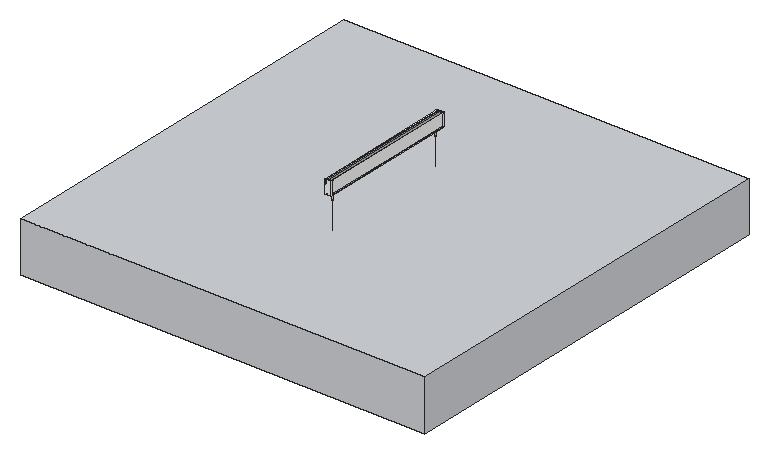
Revit family "LAMP_FIL 35 840MM D-I OPAL", category Luminarias, Revit 2018
Family settings
  Anfitrión = Cara
  Cota de conector redondo = Diámetro de uso
  Tipo de pieza = Normal
  Corte con vacíos al cargar = No
  Origen de luz = Sí
  Compartido = No
  Punto de cálculo de habitación = No
Parameters (values of type "1673LM 3000K  BLACK")
  Ángulo de inclinación = -90.00°
  Weight = 1.97 kg
  Wattage = 10.14 W
  Type = "MID POWER TRIDONIC"
  built-in parameter 1150107 = 3000 (stored number, unit not read)
  NOT COVER 2 [instance] = not(END COVER 2)  # no
  NOT COVER 1 [instance] = not(END COVER 1)  # no
  Indirect light = LAMP_FIL 35 840MM D-I OPAL_I : 3000K
  END COVER 2 [instance] = yes
  END COVER 1 [instance] = yes
  Suspension distance [instance] = if(Suspension > 4000 mm, 4000 mm, if(Suspension < 1 mm, 1 mm, Suspension))  # 200 mm
  Suspension [instance] = 200 mm
  built-in parameter 1150110 = 1 (stored number, unit not read)
  built-in parameter 1150109 = 1 (stored number, unit not read)
  built-in parameter 1150112 = 1 (stored number, unit not read)
  built-in parameter 1150113 = 1 (stored number, unit not read)
  built-in parameter 1114218 = 1 (stored number, unit not read)
  Protection rating = "IP20 / IK07"
  Product datasheet = "http://www.lamp.es/product-files/TECH/F31SF084LOIO830NB-EN.pdf"
  Product code = "F31SF084LOIO830NB"
  Product URL = "https://www.lamp.es/en/family/fil-35_413911"
  Power Supply = "220-240V 50/60Hz"
  Power = 14 W
  Plum = 16.9 W
  Photobiological risk = ""
  built-in parameter 1150137 = (empty or 0)
  built-in parameter 1150132 = 2
  Modelo = Product code  # "F31SF084LOIO830NB"
  Model Explanation = ""
  Material suspension = LAMP_Acero genérico
  Material perfil = LAMP_Aluminio Perfil Fil NG
  Material difusor = LAMP_PC Difusor Opal Fil
  Manufacturer name = "LAMP"
  Manufacturer country = "Spain"
  Manufacturer URL = "http://www.lamp.es/en"
  MacAdam = "3"
  Longitud de línea de emisión = 840 mm
  Last update = "11/05/2021"
  Lamp = "MID-POWER LED"
  LED Lifetime = "50.000 L90 B10"
  built-in parameter 1150105 = 79.877 (stored number, unit not read)
  built-in parameter 1150102 = (empty or 0)
  Insulation class = "I"
  Installation instructions = "https://www.lamp.es/product-files/INS/1004590-A%20INSTR.%20FIL35.pdf"
  built-in parameter 1150106 = 0.79877 (stored number, unit not read)
  IEE = "A+"
  Gear = "Electronic"
  Lumens = 1003.76 lm
  Finish = "Matte black RAL 9011"
  Color Filter = 16777215
  built-in parameter 1114217 = 1 (stored number, unit not read)
  built-in parameter 1150139 = (empty or 0)
  Fabricante = Manufacturer name  # "LAMP"
  Default Elevation = 1219.2 mm
  built-in parameter 1150104 = 9.1965 (stored number, unit not read)
  Efficacy = 99 lm/W
  Dimensions = "840x35x80"
  Descripción = "FIL35 SUR 840 2200 WW D/I OPAL BK."
  built-in parameter 1150115 = 1 (stored number, unit not read)
  built-in parameter 1150114 = 1 (stored number, unit not read)
  built-in parameter 1150138 = (empty or 0)
  built-in parameter 1150134 = 3
  Dimming Lamp Color Temperature Shift = (empty or 0)
  CRI = "80"
  Archivo de red fotométrica = "F31SF084LOIO830NB_D.IES"
  built-in parameter 1150133 = 10 (stored number, unit not read)
Types (12, lengths in mm): name | built-in parameter 1150107 | Indirect light | Product datasheet | Product code | Modelo | Material perfil | built-in parameter 1150105 | built-in parameter 1150106 | Lumens | Finish | built-in parameter 1150104 | Efficacy | Descripción | Archivo de red fotométrica
  1673LM 3000K DALI BLACK | 3000 (stored number, unit not read) | LAMP_FIL 35 840MM D-I OPAL_I : 3000K | "http://www.lamp.es/product-files/TECH/F31SF084LOIO830DB-EN.pdf" | "F31SF084LOIO830DB" | "F31SF084LOIO830DB" | LAMP_Aluminio Perfil Fil NG | 79.877 (stored number, unit not read) | 0.79877 (stored number, unit not read) | 1003.76 lm | "Matte black RAL 9011" | 9.1965 (stored number, unit not read) | 99 lm/W | "FIL35 SUR 840 2200 WW D/I OPAL DALI BK." | "F31SF084LOIO830NB_D.IES"
  1673LM 3000K DALI GREY | 3000 (stored number, unit not read) | LAMP_FIL 35 840MM D-I OPAL_I : 3000K | "http://www.lamp.es/product-files/TECH/F31SF084LOIO830DG-EN.pdf" | "F31SF084LOIO830DG" | "F31SF084LOIO830DG" | LAMP_Aluminio Perfil Fil GR | 79.877 (stored number, unit not read) | 0.79877 (stored number, unit not read) | 1003.76 lm | "Gloss grey" | 9.1965 (stored number, unit not read) | 99 lm/W | "FIL35 SUR 840 2200 WW D/I OPAL DALI GR." | "F31SF084LOIO830NB_D.IES"
  1673LM 3000K DALI WHITE | 3000 (stored number, unit not read) | LAMP_FIL 35 840MM D-I OPAL_I : 3000K | "http://www.lamp.es/product-files/TECH/F31SF084LOIO830DW-EN.pdf" | "F31SF084LOIO830DW" | "F31SF084LOIO830DW" | LAMP_Aluminio Perfil Fil BL | 79.877 (stored number, unit not read) | 0.79877 (stored number, unit not read) | 1003.76 lm | "Matte white RAL 9010" | 9.1965 (stored number, unit not read) | 99 lm/W | "FIL35 SUR 840 2200 WW D/I OPAL DALI WH." | "F31SF084LOIO830NB_D.IES"
  1673LM 3000K  BLACK | 3000 (stored number, unit not read) | LAMP_FIL 35 840MM D-I OPAL_I : 3000K | "http://www.lamp.es/product-files/TECH/F31SF084LOIO830NB-EN.pdf" | "F31SF084LOIO830NB" | "F31SF084LOIO830NB" | LAMP_Aluminio Perfil Fil NG | 79.877 (stored number, unit not read) | 0.79877 (stored number, unit not read) | 1003.76 lm | "Matte black RAL 9011" | 9.1965 (stored number, unit not read) | 99 lm/W | "FIL35 SUR 840 2200 WW D/I OPAL BK." | "F31SF084LOIO830NB_D.IES"
  1673LM 3000K  GREY | 3000 (stored number, unit not read) | LAMP_FIL 35 840MM D-I OPAL_I : 3000K | "http://www.lamp.es/product-files/TECH/F31SF084LOIO830NG-EN.pdf" | "F31SF084LOIO830NG" | "F31SF084LOIO830NG" | LAMP_Aluminio Perfil Fil GR | 79.877 (stored number, unit not read) | 0.79877 (stored number, unit not read) | 1003.76 lm | "Gloss grey" | 9.1965 (stored number, unit not read) | 99 lm/W | "FIL35 SUR 840 2200 WW D/I OPAL GR." | "F31SF084LOIO830NB_D.IES"
  1673LM 3000K  WHITE | 3000 (stored number, unit not read) | LAMP_FIL 35 840MM D-I OPAL_I : 3000K | "http://www.lamp.es/product-files/TECH/F31SF084LOIO830NW-EN.pdf" | "F31SF084LOIO830NW" | "F31SF084LOIO830NW" | LAMP_Aluminio Perfil Fil BL | 79.877 (stored number, unit not read) | 0.79877 (stored number, unit not read) | 1003.76 lm | "Matte white RAL 9010" | 9.1965 (stored number, unit not read) | 99 lm/W | "FIL35 SUR 840 2200 WW D/I OPAL WH." | "F31SF084LOIO830NB_D.IES"
  1761LM 4000K DALI BLACK | 4000 (stored number, unit not read) | LAMP_FIL 35 840MM D-I OPAL_I : 4000K | "http://www.lamp.es/product-files/TECH/F31SF084LOIO840DB-EN.pdf" | "F31SF084LOIO840DB" | "F31SF084LOIO840DB" | LAMP_Aluminio Perfil Fil NG | 84.081 (stored number, unit not read) | 0.84081 (stored number, unit not read) | 1056.59 lm | "Matte black RAL 9011" | 9.6805 (stored number, unit not read) | 104.2 lm/W | "FIL35 SUR 840 2200 NW D/I OPAL DALI BK." | "F31SF084LOIO840NB_D.IES"
  1761LM 4000K DALI GREY | 4000 (stored number, unit not read) | LAMP_FIL 35 840MM D-I OPAL_I : 4000K | "http://www.lamp.es/product-files/TECH/F31SF084LOIO840DG-EN.pdf" | "F31SF084LOIO840DG" | "F31SF084LOIO840DG" | LAMP_Aluminio Perfil Fil GR | 84.081 (stored number, unit not read) | 0.84081 (stored number, unit not read) | 1056.59 lm | "Gloss grey" | 9.6805 (stored number, unit not read) | 104.2 lm/W | "FIL35 SUR 840 2200 NW D/I OPAL DALI GR." | "F31SF084LOIO840NB_D.IES"
  1761LM 4000K DALI WHITE | 4000 (stored number, unit not read) | LAMP_FIL 35 840MM D-I OPAL_I : 4000K | "http://www.lamp.es/product-files/TECH/F31SF084LOIO840DW-EN.pdf" | "F31SF084LOIO840DW" | "F31SF084LOIO840DW" | LAMP_Aluminio Perfil Fil BL | 84.081 (stored number, unit not read) | 0.84081 (stored number, unit not read) | 1056.59 lm | "Matte white RAL 9010" | 9.6805 (stored number, unit not read) | 104.2 lm/W | "FIL35 SUR 840 2200 NW D/I OPAL DALI WH." | "F31SF084LOIO840NB_D.IES"
  1761LM 4000K  BLACK | 4000 (stored number, unit not read) | LAMP_FIL 35 840MM D-I OPAL_I : 4000K | "http://www.lamp.es/product-files/TECH/F31SF084LOIO840NB-EN.pdf" | "F31SF084LOIO840NB" | "F31SF084LOIO840NB" | LAMP_Aluminio Perfil Fil NG | 84.081 (stored number, unit not read) | 0.84081 (stored number, unit not read) | 1056.59 lm | "Matte black RAL 9011" | 9.6805 (stored number, unit not read) | 104.2 lm/W | "FIL35 SUR 840 2200 NW D/I OPAL BK." | "F31SF084LOIO840NB_D.IES"
  1761LM 4000K  GREY | 4000 (stored number, unit not read) | LAMP_FIL 35 840MM D-I OPAL_I : 4000K | "http://www.lamp.es/product-files/TECH/F31SF084LOIO840NG-EN.pdf" | "F31SF084LOIO840NG" | "F31SF084LOIO840NG" | LAMP_Aluminio Perfil Fil GR | 84.081 (stored number, unit not read) | 0.84081 (stored number, unit not read) | 1056.59 lm | "Gloss grey" | 9.6805 (stored number, unit not read) | 104.2 lm/W | "FIL35 SUR 840 2200 NW D/I OPAL GR." | "F31SF084LOIO840NB_D.IES"
  1761LM 4000K  WHITE | 4000 (stored number, unit not read) | LAMP_FIL 35 840MM D-I OPAL_I : 4000K | "http://www.lamp.es/product-files/TECH/F31SF084LOIO840NW-EN.pdf" | "F31SF084LOIO840NW" | "F31SF084LOIO840NW" | LAMP_Aluminio Perfil Fil BL | 84.081 (stored number, unit not read) | 0.84081 (stored number, unit not read) | 1056.59 lm | "Matte white RAL 9010" | 9.6805 (stored number, unit not read) | 104.2 lm/W | "FIL35 SUR 840 2200 NW D/I OPAL WH." | "F31SF084LOIO840NB_D.IES"
Reference planes
  plane 1 "Centro (Frontal/Posterior)": y = 0
  plane 2: z = 0
  plane 3 "Centro (Izquierda/Derecha)": x = 0
Forms (mm)
  Extrusion 1, solid
    sketch origin (0, 0, 0) x (1, 0, 0) y (0, 1, 0)
      loop
        line (-1219.2, 1219.2) -> (-1219.2, -1219.2) -> (1219.2, -1219.2) -> (1219.2, 1219.2) -> (-1219.2, 1219.2)
    from 0 to -304.8
  Extrusion 2, solid, material "LAMP_Aluminio Perfil Fil NG" <- "Material perfil"
    sketch origin (0, 0, 0) x (1, 0, 0) y (0, 0, 1)
      loop
        arc (17.75, 285.7) -> (16.75, 286.7) -> (15.75, 285.7) r 1
        line (15.75, 285.7) -> (15.75, 284.2) -> (13.95, 284.2) -> (13.95, 259) -> (0, 259) -> (-13.95, 259) -> (-13.95, 284.2) -> (-15.75, 284.2) -> (-15.75, 285.7)
        arc (-15.75, 285.7) -> (-16.75, 286.7) -> (-17.75, 285.7) r 1
        line (-17.75, 285.7) -> (-17.75, 206.5) -> (-16.75, 206.5) -> (-16.75, 209.7) -> (-12.5, 209.7) -> (-12.5, 207.7) -> (-14.8, 207.7) -> (-13.6, 206.5) -> (-11, 206.5) -> (-11, 214.5) -> (0, 214.5) -> (11, 214.5) -> (11, 206.5) -> (13.6, 206.5) -> (14.8, 207.7) -> (12.5, 207.7) -> (12.5, 209.7) -> (16.75, 209.7) -> (16.75, 206.5) -> (17.75, 206.5) -> (17.75, 285.7)
    from -420 to 420
  Extrusion 3, solid, material "LAMP_Acero genérico" <- "Material suspension"
    sketch origin (0, 0, 0) x (1, 0, 0) y (0, 0, 1)
      loop
        line (-12.5, 201) -> (-15.291, 208.272) -> (-13.251, 209.7) -> (-14.251, 209.7) -> (-16.291, 208.272) -> (-13.116, 200) -> (0, 200) -> (13.116, 200) -> (16.291, 208.272) -> (14.251, 209.7) -> (13.251, 209.7) -> (15.291, 208.272) -> (12.5, 201) -> (0, 201) -> (-12.5, 201)
    from -400 to -378
  Extrusion 4, solid, material "LAMP_Acero genérico" <- "Material suspension"
    sketch origin (0, -24, 0) x (1, 0, 0) y (0, 1, 0)
      loop
        circle (0, -365) r 5
    from 163.2 to 200
  Extrusion 5, solid, material "LAMP_Acero genérico" <- "Material suspension"
    sketch origin (0, 24, 0) x (1, 0, 0) y (0, 1, 0)
      loop
        circle (0, 365) r 5
    from 163.2 to 200
  Extrusion 6, solid, material "LAMP_Acero genérico" <- "Material suspension"
    sketch origin (0, 0, 0) x (1, 0, 0) y (0, 1, 0)
      loop
        circle (0, -389) r 1
    from 0 to 163.2
  Extrusion 7, solid, material "LAMP_Acero genérico" <- "Material suspension"
    sketch origin (0, 0, 0) x (1, 0, 0) y (0, 1, 0)
      loop
        circle (0, 389) r 1
    from 0 to 163.2
  Extrusion 8, solid, material "LAMP_PC Difusor Opal Fil" <- "Material difusor"
    sketch origin (0, 0, -200) x (1, 0, 0) y (0, 0, 1)
      loop
        line (-15.75, 484.2) -> (0, 484.2) -> (15.75, 484.2) -> (15.75, 486.7) -> (0, 486.7) -> (-15.75, 486.7) -> (-15.75, 484.2)
    from 420 to -420
  Extrusion 9, solid, material "LAMP_Acero genérico" <- "Material suspension"
    sketch origin (0, 0, 0) x (1, 0, 0) y (0, 0, -1)
      loop
        line (-12.5, -201) -> (0, -201) -> (12.5, -201) -> (15.291, -208.272) -> (13.251, -209.7) -> (14.251, -209.7) -> (16.291, -208.272) -> (13.116, -200) -> (0, -200) -> (-13.116, -200) -> (-16.291, -208.272) -> (-14.251, -209.7) -> (-13.251, -209.7) -> (-15.291, -208.272) -> (-12.5, -201)
    from -400 to -378
  Extrusion 10, solid, material "LAMP_PC Difusor Opal Fil" <- "Material difusor"
    sketch origin (0, 0, 0) x (1, 0, 0) y (0, 0, 1)
      loop
        line (-11, 214.5) -> (-11, 206.5) -> (-7.529, 206.5) -> (11, 206.5) -> (11, 214.5) -> (10, 214.5) -> (10, 207.5) -> (-10, 207.5) -> (-10, 214.5) -> (-11, 214.5)
    from 420 to -420
Lines and regions (mm)
  reference lines
    curve 1: line (0, -445.47, 200) -> (0, 544.53, 200)
Text (mm)
  text "Any modification of the parameters and properties of the LAMP BIM models must be executed and validated by the LAMP technical department.\nPhone: +34 93 736 68 00\nE-mail: lamp@lamp.es\n\nLAMP reserves the right to modify the technical specifications of its products." at (3279.264, 5298.162, -2684.539), in view "Preview"
Dimensions and locks
  "Suspension distance": level to curve 1
  locked: Extrusion 4 to Extrusion 4 at 36.8
  locked: Extrusion 5 to Extrusion 5 at 36.8
  aligned and locked: plane 2 to Extrusion 1
  aligned and locked: level to Extrusion 1
  aligned and locked: curve 1 to Extrusion 9
  aligned and locked: curve 1 to Extrusion 3
  aligned and locked: Extrusion 4 to curve 1
  aligned and locked: Extrusion 5 to curve 1
  aligned and locked: Extrusion 6 to Extrusion 4
  aligned and locked: Extrusion 7 to Extrusion 5
  aligned and locked: Extrusion 2 to Extrusion 9
  aligned and locked: Extrusion 10 to Extrusion 2
  aligned and locked: Extrusion 8 to Extrusion 2
  aligned and locked: imposter light to Extrusion 8
  aligned and locked: Extrusion 2 to nested 1
  aligned and locked: nested 2 to Extrusion 2
Automatic sketch dimensions
  Extrusion 1 sketch curve to Extrusion 1 sketch curve = 2438.4 mm  (x2)
  Extrusion 4 sketch curve to plane 3 "Centro (Izquierda/Derecha)" = 0 mm
  plane 1 "Centro (Frontal/Posterior)" to Extrusion 4 sketch curve = 389 mm
  Extrusion 5 sketch curve to plane 3 "Centro (Izquierda/Derecha)" = 0 mm
  plane 1 "Centro (Frontal/Posterior)" to Extrusion 5 sketch curve = 389 mm
  Extrusion 6 sketch curve to plane 3 "Centro (Izquierda/Derecha)" = 0 mm
  plane 1 "Centro (Frontal/Posterior)" to Extrusion 6 sketch curve = 389 mm
  Extrusion 7 sketch curve to plane 3 "Centro (Izquierda/Derecha)" = 0 mm
  plane 1 "Centro (Frontal/Posterior)" to Extrusion 7 sketch curve = 389 mm
  Extrusion 10 sketch curve to plane 3 "Centro (Izquierda/Derecha)" = 11 mm
  Extrusion 10 sketch curve to Extrusion 10 sketch curve = 1 mm  (x3)
  Extrusion 10 sketch curve to Extrusion 10 sketch curve = 2.471 mm
  plane 3 "Centro (Izquierda/Derecha)" to Extrusion 10 sketch curve = 10 mm
  level to Extrusion 10 sketch curve = 206.5 mm
  Extrusion 10 sketch curve to Extrusion 10 sketch curve = 7 mm  (x2)
  Extrusion 2 sketch curve to plane 3 "Centro (Izquierda/Derecha)" = 0 mm  (x2)
  Extrusion 2 sketch curve to Extrusion 2 sketch curve = 11 mm
  Extrusion 2 sketch curve to Extrusion 2 sketch curve = 1.5 mm  (x4)
  Extrusion 2 sketch curve to Extrusion 2 sketch curve = 1.1 mm  (x2)
  Extrusion 2 sketch curve to plane 3 "Centro (Izquierda/Derecha)" = 13.95 mm
  Extrusion 2 sketch curve to Extrusion 2 sketch curve = 1.2 mm  (x4)
  Extrusion 2 sketch curve to Extrusion 2 sketch curve = 1.8 mm  (x2)
  Extrusion 2 sketch curve to Extrusion 2 sketch curve = 1 mm  (x3)
  plane 3 "Centro (Izquierda/Derecha)" to Extrusion 2 sketch curve = 11 mm
  plane 3 "Centro (Izquierda/Derecha)" to Extrusion 2 sketch curve = 13.95 mm
  Extrusion 2 sketch curve to Extrusion 2 sketch curve = 1.95 mm
  level to Extrusion 2 sketch curve = 206.5 mm
  Extrusion 2 sketch curve to Extrusion 2 sketch curve = 0 mm  (x3)
  Extrusion 2 sketch curve to Extrusion 2 sketch curve = 2 mm  (x2)
  Extrusion 2 sketch curve to Extrusion 2 sketch curve = 4.8 mm
  Extrusion 2 sketch curve to Extrusion 2 sketch curve = 44.5 mm
  Extrusion 2 sketch curve to Extrusion 2 sketch curve = 25.2 mm
  Extrusion 2 sketch curve to Extrusion 2 sketch curve = 26.7 mm
  Extrusion 8 sketch curve to plane 3 "Centro (Izquierda/Derecha)" = 0 mm  (x2)
  Extrusion 8 sketch curve to Extrusion 8 sketch curve = 15.75 mm
  plane 3 "Centro (Izquierda/Derecha)" to Extrusion 8 sketch curve = 15.75 mm
  level to Extrusion 8 sketch curve = 284.2 mm
  Extrusion 9 sketch curve to plane 3 "Centro (Izquierda/Derecha)" = 0 mm  (x2)
  Extrusion 9 sketch curve to Extrusion 9 sketch curve = 12.5 mm
  Extrusion 9 sketch curve to Extrusion 9 sketch curve = 0.616 mm  (x2)
  Extrusion 9 sketch curve to Extrusion 9 sketch curve = 0.751 mm  (x2)
  Extrusion 9 sketch curve to Extrusion 9 sketch curve = 1 mm  (x5)
  Extrusion 9 sketch curve to Extrusion 9 sketch curve = 1.04 mm  (x2)
  plane 3 "Centro (Izquierda/Derecha)" to Extrusion 9 sketch curve = 12.5 mm
  level to Extrusion 9 sketch curve = 209.7 mm
  Extrusion 9 sketch curve to Extrusion 9 sketch curve = 0 mm  (x3)
  Extrusion 9 sketch curve to Extrusion 9 sketch curve = 1.428 mm  (x2)
  Extrusion 9 sketch curve to Extrusion 9 sketch curve = 7.272 mm
  Extrusion 3 sketch curve to plane 3 "Centro (Izquierda/Derecha)" = 0 mm  (x2)
  Extrusion 3 sketch curve to Extrusion 3 sketch curve = 12.5 mm
  Extrusion 3 sketch curve to Extrusion 3 sketch curve = 0.616 mm  (x2)
  Extrusion 3 sketch curve to Extrusion 3 sketch curve = 0.751 mm  (x2)
  Extrusion 3 sketch curve to Extrusion 3 sketch curve = 1 mm  (x5)
  Extrusion 3 sketch curve to Extrusion 3 sketch curve = 1.04 mm  (x2)
  plane 3 "Centro (Izquierda/Derecha)" to Extrusion 3 sketch curve = 12.5 mm
  level to Extrusion 3 sketch curve = 200 mm
  Extrusion 3 sketch curve to Extrusion 3 sketch curve = 7.272 mm  (x2)
  Extrusion 3 sketch curve to Extrusion 3 sketch curve = 0 mm  (x2)
  Extrusion 3 sketch curve to Extrusion 3 sketch curve = 1.428 mm  (x2)
  Extrusion 8 sketch curve to Extrusion 8 sketch curve = 2.5 mm
  plane 1 "Centro (Frontal/Posterior)" to curve 1 = 445.47 mm
  curve 1 to plane 1 "Centro (Frontal/Posterior)" = 544.53 mm
  radius of Extrusion 4 sketch curve = 5 mm
  radius of Extrusion 5 sketch curve = 5 mm
  radius of Extrusion 6 sketch curve = 1 mm
  radius of Extrusion 7 sketch curve = 1 mm
Nested families
  nested 1: "LAMP_FIL 35 END COVER SURFACE" at (0, -421.4, 206.5), visible <- "END COVER 1", type "Blanco"
  nested 2: "LAMP_FIL 35 END COVER SURFACE" at (0, 421.4, 206.5), visible <- "END COVER 2", type "Blanco"
  nested 3: "LAMP_FIL 35 840MM D-I OPAL_I" at (0, -0.007, -1293.495), type "3000K"
Connectors
  electrical at (0, 389, 200)
    settings: on Extrusion 5, index 1, voltage 230 V, apparent load 0 VA, apparent load phase1 0 VA, apparent load phase2 0 VA, apparent load phase3 0 VA, power factor 1, load classification "Otro", number of poles 1, system type 31, power factor state 1, is connector primary yes, connector utility no, sub classification motor no, connector description ""
Definition of nested family "LAMP_FIL 35 END COVER SURFACE"
  Parameters (values of type "Blanco")
    Material tapa = none
  Reference planes
    plane 1 "Centro (Frontal/Posterior)": y = 0
    plane 2: z = 0
    plane 3 "Centro (Izquierda/Derecha)": x = 0
  Forms (mm)
    Extrusion 1, solid, material <- "Material tapa"
      sketch origin (0, 0, 0) x (0, -1, 0) y (0, 0, 1)
        loop
          line (0, 0) -> (1.4, 0) -> (1.4, 80.5) -> (-1.4, 80.5) -> (-1.4, 0) -> (0, 0)
      from -17.8 to 17.8
  Dimensions and locks
    aligned and locked: level to plane 2
Definition of nested family "LAMP_FIL 35 840MM D-I OPAL_I"
  Parameters (values of type "3000K")
    Tilt Angle = -90.00°
    Wattage = 6.76 W
    built-in parameter 1150110 = 1 (stored number, unit not read)
    built-in parameter 1114217 = 1 (stored number, unit not read)
    built-in parameter 1150109 = 1 (stored number, unit not read)
    built-in parameter 1150134 = (empty or 0)
    built-in parameter 1150113 = 1 (stored number, unit not read)
    Lumens = 669.172 lm
    built-in parameter 1150115 = 1 (stored number, unit not read)
    built-in parameter 1150105 = 53.251 (stored number, unit not read)
    built-in parameter 1150137 = (empty or 0)
    built-in parameter 1150139 = (empty or 0)
    built-in parameter 1150112 = 1 (stored number, unit not read)
    built-in parameter 1150114 = 1 (stored number, unit not read)
    built-in parameter 1150132 = 2
    built-in parameter 1150102 = (empty or 0)
    built-in parameter 1150138 = (empty or 0)
    built-in parameter 1150107 = 3000 (stored number, unit not read)
    built-in parameter 1150106 = 0.53251 (stored number, unit not read)
    built-in parameter 1150104 = 9.1965 (stored number, unit not read)
    Dimming Lamp Color Temperature Shift = (empty or 0)
    Color Filter = 16777215
    built-in parameter 1114218 = 1 (stored number, unit not read)
    Photometric Web File = "F31SF084LOIO830NB_I.IES"
    built-in parameter 1150133 = 10 (stored number, unit not read)
  Types (3, lengths in mm): name | built-in parameter 1150134 | Lumens | built-in parameter 1150105 | built-in parameter 1150107 | built-in parameter 1150106 | built-in parameter 1150104 | Photometric Web File
    (no name) | (empty or 0) | 669.172 lm | 53.251 (stored number, unit not read) | 3000 (stored number, unit not read) | 0.53251 (stored number, unit not read) | 9.1965 (stored number, unit not read) | "F31SF084LOIO830NB_I.IES"
    3000K | (empty or 0) | 669.172 lm | 53.251 (stored number, unit not read) | 3000 (stored number, unit not read) | 0.53251 (stored number, unit not read) | 9.1965 (stored number, unit not read) | "F31SF084LOIO830NB_I.IES"
    4000K | 12 | 704.392 lm | 56.054 (stored number, unit not read) | 4000 (stored number, unit not read) | 0.56054 (stored number, unit not read) | 9.6805 (stored number, unit not read) | "F31SF084LOIO840NB_I.IES"
  Reference planes
    plane 1 "Eje de origen de luz (F/P)": y = 0
    plane 2: z = 0
    plane 3 "Eje de origen de luz (I/D)": x = 0
    plane 4 "Elevación de origen de luz": z = 1500
  Dimensions and locks
    aligned and locked: plane 3 "Eje de origen de luz (I/D)" to imposter light
    aligned and locked: plane 1 "Eje de origen de luz (F/P)" to imposter light
    aligned and locked: plane 4 "Elevación de origen de luz" to imposter light
    aligned and locked: level to plane 2
